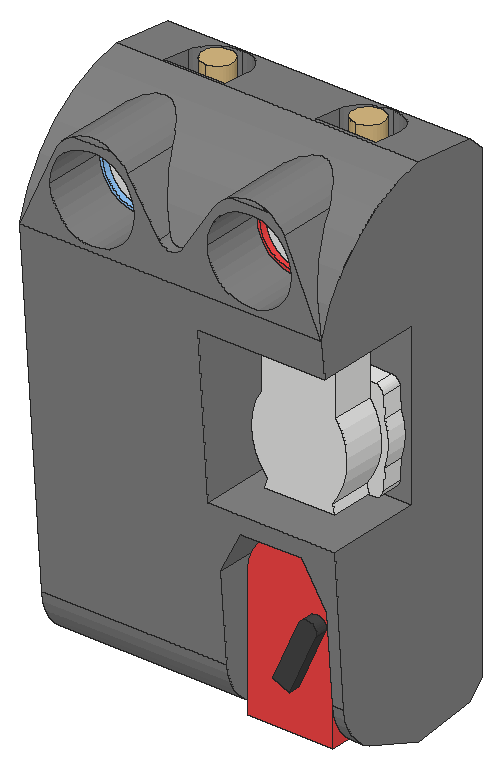
Revit family "R586R_131-143", category Pipe Accessories, Revit 2025
Family settings
  Round Connector Dimension = Use Diameter
  Part Type = Normal
  Work Plane-Based = No
  Always vertical = No
  Cut with Voids When Loaded = No
  Shared = No
Parameters (values of type "R586RY131-with circulator")
  Void Position 2 [instance] = if(Actuator, 152.8 mm, 350 mm)  # 152.8 mm
  Void Position = 145 mm
  URL = ""
  Nominal Diameter 2 = 25 mm  # constant formula
  Nominal Diameter 1 = 40 mm  # constant formula
  Model = "R586RY131-with circulator"
  Manufacturer = "Giacomini"  # constant formula
  L = 160 mm
  I = 165 mm
  H = 65 mm
  GIA_Model = "R586R"  # constant formula
  GIA_Manufacturer = "GIACOMINI"  # constant formula
  GIA_Description = "Distribution groups and regulation "  # constant formula
  GIA_Code = "R586RY131"
  G = 100 mm
  Flow Supply [instance] = 0.0 m³/h
  Flow Return [instance] = 0.0 m³/h
  F = 430 mm
  Default Elevation = 0 mm
  D = 250 mm
  C = 125 mm
  Actuator Type Selector [instance] = if(Actuator Type = 1, ❶, if(Actuator Type = 2, ❷, ❸))  # K275 : K275Y013
  Actuator Type [instance] = 0
  Actuator [instance] = yes
  ❸ [instance] = K275 : K275Y013
  ❷ [instance] = K275 : K275Y011
  ❶ [instance] = K275 : K275Y002
Types (4, lengths in mm): name | Void Position | Model | GIA_Code
  R586RY131-with circulator | 145 | "R586RY131-with circulator" | "R586RY131"
  R586RY133-with circulator | 145 | "R586RY133-with circulator" | "R586RY133"
  R586RY141-without circulator | 300 | "R586RY141-without circulator" | "R586RY141"
  R586RY143-without circulator | 300 | "R586RY143-without circulator" | "R586RY143"
Reference planes
  plane 1 "Center (Front/Back)": y = 0
  plane 2: z = 0
  plane 3 "Center (Left/Right)": x = 0
  plane 4: y = -65
  plane 5: x = 125.132
  plane 6: x = 125.132
  plane 7: x = 250
  plane 8 "F": z = 430
  plane 9: y = -165
  plane 10: x = 62.632
  plane 11: x = 187.632
  plane 12: x = 62.632
  plane 13: x = 187.632
Forms (mm)
  Extrusion 1, solid, material "Foam", detail levels medium+fine
    sketch origin (0, 0, 0) x (0, 1, 0) y (0, 0, 1)
      loop
        line (-65, 430) -> (-65, -0.043) -> (-12.123, 6.449) -> (0, 18.572) -> (0, 411.385) -> (-12.123, 423.508) -> (-65, 430)
    from 0 to 250
  Extrusion 2, solid, material "Foam", detail levels medium+fine
    sketch origin (0, -13.004, 0) x (0, 1, 0) y (0, 0, 1)
      loop
        line (-52.148, 0) -> (-52.148, 430) -> (-141.996, 430)
        arc (-141.996, 430) -> (-149.067, 427.071) -> (-151.996, 420) r 10
        line (-151.996, 420) -> (-151.996, 340) -> (-129.324, 56.937)
        arc (-129.324, 56.937) -> (-121.346, 34.469) -> (-102.975, 19.272) r 44.816
        line (-102.975, 19.272) -> (-52.148, 0)
    from 0 to 250
  Extrusion 3, void
    sketch origin (243.125, 0, -6.25) x (-1, 0, 0) y (0, 0, -1)
      loop
        circle (53.115, -385.183) r 35
      loop
        circle (183.135, -385.183) r 35
    from 88.712 to 174.421
  Extrusion 4, void
    sketch origin (0, 0, 25) x (1, 0, 0) y (0, 0, 1)
      loop
        line (250, 285.81) -> (145, 285.81) -> (145, 153.31) -> (250, 153.31) -> (250, 285.81)
    from 71.998 to 174.421
  Extrusion 5, solid, material "Giacomini Steel Material", detail levels medium+fine
    sketch origin (-9.846, -65, 292.295) x (0, 0, -1) y (1, 0, 0)
      loop
        arc (22.514, 172.546) -> (24.454, 167.862) -> (29.138, 165.922) r 6.624
        line (29.138, 165.922) -> (46.286, 165.023)
        arc (46.286, 165.023) -> (64.329, 161.539) -> (82.372, 165.023) r 48.453
        line (82.372, 165.023) -> (99.52, 165.922)
        arc (99.52, 165.922) -> (104.204, 167.862) -> (106.144, 172.546) r 6.624
        line (106.144, 172.546) -> (107.043, 189.695)
        arc (107.043, 189.695) -> (110.753, 207.738) -> (107.043, 225.78) r 45.727
        line (107.043, 225.78) -> (106.144, 242.929)
        arc (106.144, 242.929) -> (104.204, 247.613) -> (99.52, 249.553) r 6.624
        line (99.52, 249.553) -> (82.372, 250.452)
        arc (82.372, 250.452) -> (64.329, 254.056) -> (46.286, 250.452) r 46.96
        line (46.286, 250.452) -> (29.138, 249.553)
        arc (29.138, 249.553) -> (24.454, 247.613) -> (22.514, 242.929) r 6.624
        line (22.514, 242.929) -> (21.615, 225.78)
        arc (21.615, 225.78) -> (17.905, 207.738) -> (21.615, 189.695) r 45.727
        line (21.615, 189.695) -> (22.514, 172.546)
    from 6.998 to 23.712
  Extrusion 6, solid, material "Giacomini Steel Material", detail levels medium+fine
    sketch origin (2.5, 0, 25) x (1, 0, 0) y (0, 0, 1)
      loop
        arc (164.43, 230.658) -> (156.282, 198.665) -> (169.246, 168.301) r 51.478
        line (169.246, 168.301) -> (167.246, 160.839) -> (225.075, 160.839) -> (223.091, 168.243)
        arc (223.091, 168.243) -> (235.272, 200.065) -> (226.14, 232.892) r 54.417
        line (226.14, 232.892) -> (226.14, 273.789) -> (164.43, 273.789) -> (164.43, 230.658)
    from 88.712 to 123.742
  Extrusion 7, void
    sketch origin (7.5, 0, 0) x (1, 0, 0) y (0, 0, 1)
      loop
        line (145.3, 18.572) -> (233.191, 18.572) -> (233.191, 128.572) -> (214.213, 163.572) -> (164.245, 163.572) -> (145.3, 128.572) -> (145.3, 18.572)
    from 71.998 to 156.249
  Extrusion 8, void
    sketch origin (0, -2.5, 0) x (1, 0, 0) y (0, 1, 0)
      loop
        line (37.632, -60.54) -> (87.632, -60.54) -> (87.632, -36.403)
        arc (87.632, -36.403) -> (80.31, -18.725) -> (62.632, -11.403) r 25
        arc (62.632, -11.403) -> (44.955, -18.725) -> (37.632, -36.403) r 25
        line (37.632, -36.403) -> (37.632, -60.54)
      loop
        line (212.867, -60.54) -> (212.867, -36.402)
        arc (212.867, -36.402) -> (205.461, -18.641) -> (187.632, -11.403) r 25
        arc (187.632, -11.403) -> (170.106, -18.807) -> (162.867, -36.402) r 25
        line (162.867, -36.402) -> (162.867, -60.54) -> (212.867, -60.54)
    from 403.215 to 443.654
  Extrusion 9, void
    sketch origin (250, -2.5, -370.043) x (0, 1, 0) y (-1, 0, 0)
      loop
        arc (-32.652, 162.368) -> (-14.974, 169.69) -> (-7.652, 187.368) r 25
        arc (-7.652, 187.368) -> (-14.974, 205.045) -> (-32.652, 212.368) r 25
        line (-32.652, 212.368) -> (-60.782, 212.368) -> (-60.782, 162.368) -> (-32.652, 162.368)
      loop
        line (-61.119, 87.133) -> (-61.119, 37.133) -> (-32.652, 37.133)
        arc (-32.652, 37.133) -> (-14.891, 44.539) -> (-7.653, 62.368) r 25
        arc (-7.653, 62.368) -> (-15.057, 79.894) -> (-32.652, 87.133) r 25
        line (-32.652, 87.133) -> (-61.119, 87.133)
    from 359.064 to 421.718
  Extrusion 10, void
    sketch origin (0, 0, 0) x (1, 0, 0) y (0, 0, 1)
      loop
        line (89.387, 407.929) -> (114.889, 368.461)
        arc (114.889, 368.461) -> (125, 362.956) -> (135.111, 368.461) r 12.038
        line (135.111, 368.461) -> (160.613, 407.929)
        arc (160.613, 407.929) -> (190.01, 423.933) -> (219.407, 407.929) r 35
        line (219.407, 407.929) -> (249.128, 340.68) -> (250, 340.68) -> (250, 430) -> (0, 430) -> (0, 340.68) -> (0.853, 340.68) -> (30.593, 407.929)
        arc (30.593, 407.929) -> (59.99, 423.933) -> (89.387, 407.929) r 35
    from 65.152 to 197.299
  Extrusion 11, solid, material "Brass", detail levels medium+fine
    sketch origin (0, 0, 0) x (1, 0, 0) y (0, 1, 0)
      loop
        circle (62.632, -38.902) r 20
      loop
        circle (187.368, -38.902) r 20
    from 0.168 to 51.675
  Extrusion 12, solid, material "Brass", detail levels medium+fine
    sketch origin (0, 0, 400) x (0, -1, 0) y (1, 0, 0)
      loop
        circle (38.902, 62.632) r 12.5
      loop
        circle (38.902, 187.368) r 12.5
    from 3.215 to 30
  Extrusion 13, solid, material "Foam", detail levels medium+fine
    sketch origin (0, 0, 0) x (0, 1, 0) y (0, 0, 1)
      loop
        arc (-65, 430) -> (-128.834, 400.371) -> (-165, 340) r 119.746
        line (-165, 340) -> (-65, 340) -> (-65, 430)
    from 0 to 250
Cuts and joins
  Extrusion 8, Extrusion 9 cuts Extrusion 1
  Extrusion 3, Extrusion 4, Extrusion 7, Extrusion 10 cuts Extrusion 2
  Extrusion 3 cuts Extrusion 13
  joined: Extrusion 1, Extrusion 2, Extrusion 13
Dimensions and locks
  "H": plane 1 "Center (Front/Back)" to plane 4
  "D": plane 7 to plane 3 "Center (Left/Right)"
  "F": plane 8 "F" to level
  plane 8 "F" to Extrusion 1 sketch curve to Extrusion 1 sketch curve = 6.492 mm locked, 12.123 mm locked
  locked: plane 8 "F" to Extrusion 3 sketch curve at 51.067  (x2)
  "G": plane 4 to plane 9
  "I": plane 1 "Center (Front/Back)" to plane 9
  locked: plane 8 "F" to Extrusion 2 sketch curve at 10
  locked: Extrusion 2 sketch curve to plane 9 at 10
  locked: Extrusion 10 sketch curve to Extrusion 10 sketch curve at 58.794  (x2)
  equal spacing: plane 10, plane 5, plane 11
  "C": plane 10 to plane 11
  equal spacing: plane 12, plane 6, plane 13
  "C": plane 12 to plane 13
  Extrusion 6 sketch curve to Extrusion 6 sketch curve = 61.71 mm
  locked: Extrusion 4 sketch curve to Extrusion 4 sketch curve at 105
  "Void Position": plane 3 "Center (Left/Right)" to Extrusion 4 sketch curve
  locked: Extrusion 7 sketch curve to Extrusion 7 sketch curve at 87.891
  "Void Position 2": Extrusion 7 sketch curve to plane 3 "Center (Left/Right)"
  locked: Extrusion 7 sketch curve to Extrusion 7 sketch curve at 49.968
  aligned and locked: level to plane 2
  aligned and locked: plane 4 to Extrusion 1
  aligned and locked: Extrusion 1 sketch curve to plane 4
  aligned and locked: plane 4 to Extrusion 1 sketch curve
  aligned and locked: plane 7 to Extrusion 1
  aligned and locked: Extrusion 10 sketch curve to plane 8 "F"
  aligned and locked: plane 8 "F" to Extrusion 1 sketch curve
  aligned and locked: plane 3 "Center (Left/Right)" to Extrusion 10 sketch curve
  aligned and locked: plane 9 to Extrusion 2 sketch curve  (x2)
  aligned and locked: plane 8 "F" to Extrusion 2 sketch curve
  aligned and locked: Extrusion 10 sketch curve to plane 7
  aligned and locked: plane 10 to Extrusion 8 sketch curve
  aligned and locked: plane 11 to Extrusion 8 sketch curve
  aligned and locked: plane 12 to Extrusion 9 sketch curve
  aligned and locked: plane 13 to Extrusion 9 sketch curve
  aligned and locked: plane 8 "F" to Extrusion 12
Automatic sketch dimensions
  Extrusion 1 sketch curve to plane 1 "Center (Front/Back)" = 0 mm
  plane 1 "Center (Front/Back)" to Extrusion 1 sketch curve = 12.123 mm  (x2)
  level to Extrusion 1 sketch curve = 18.572 mm
  level to Extrusion 1 sketch curve = 6.449 mm
  Extrusion 1 sketch curve to level = 0.043 mm
  Extrusion 2 sketch curve to level = 0 mm
  Extrusion 2 sketch curve to plane 9 = 22.672 mm
  level to Extrusion 2 sketch curve = 19.272 mm
  Extrusion 2 sketch curve to Extrusion 2 sketch curve = 26.35 mm
  plane 4 to Extrusion 2 sketch curve = 32.628 mm
  plane 4 to Extrusion 2 sketch curve = 0.152 mm
  Extrusion 2 sketch curve to Extrusion 2 sketch curve = 37.666 mm
  Extrusion 2 sketch curve to Extrusion 2 sketch curve = 80 mm
  plane 7 to Extrusion 3 sketch curve = 59.99 mm
  Extrusion 3 sketch curve to plane 3 "Center (Left/Right)" = 59.99 mm
  Extrusion 5 sketch curve to Extrusion 5 sketch curve = 0.899 mm  (x4)
  Extrusion 1 to Extrusion 5 sketch curve = 10.293 mm
  Extrusion 5 sketch curve to Extrusion 5 sketch curve = 6.624 mm  (x3)
  Extrusion 5 sketch curve to Extrusion 5 sketch curve = 17.149 mm  (x5)
  Extrusion 1 to Extrusion 5 sketch curve = 9.394 mm  (x2)
  Extrusion 5 sketch curve to Extrusion 5 sketch curve = 42.016 mm
  Extrusion 5 sketch curve to Extrusion 5 sketch curve = 0.698 mm  (x3)
  Extrusion 1 to Extrusion 5 sketch curve = 94.822 mm
  Extrusion 5 sketch curve to Extrusion 5 sketch curve = 36.086 mm
  Extrusion 1 to Extrusion 5 sketch curve = 93.924 mm
  Extrusion 1 to Extrusion 5 sketch curve = 16.917 mm
  Extrusion 1 to Extrusion 5 sketch curve = 87.3 mm
  Extrusion 1 to Extrusion 5 sketch curve = 34.065 mm  (x2)
  Extrusion 1 to Extrusion 5 sketch curve = 70.151 mm
  Extrusion 5 sketch curve to Extrusion 5 sketch curve = 0.641 mm  (x2)
  Extrusion 5 sketch curve to Extrusion 5 sketch curve = 2.254 mm
  plane 3 "Center (Left/Right)" to Extrusion 10 sketch curve = 0.853 mm
  plane 3 "Center (Left/Right)" to Extrusion 10 sketch curve = 30.593 mm
  Extrusion 10 sketch curve to Extrusion 10 sketch curve = 29.397 mm  (x2)
  Extrusion 10 sketch curve to Extrusion 10 sketch curve = 25.503 mm  (x2)
  Extrusion 10 sketch curve to Extrusion 10 sketch curve = 10.111 mm  (x2)
  Extrusion 10 sketch curve to plane 8 "F" = 61.539 mm
  Extrusion 10 sketch curve to plane 8 "F" = 22.071 mm  (x2)
  Extrusion 10 sketch curve to Extrusion 10 sketch curve = 0.872 mm
  Extrusion 10 sketch curve to plane 8 "F" = 89.32 mm
  Extrusion 10 sketch curve to Extrusion 10 sketch curve = 67.249 mm
  Extrusion 10 sketch curve to Extrusion 10 sketch curve = 6.533 mm
  Extrusion 10 sketch curve to plane 8 "F" = 41.067 mm
  Extrusion 10 sketch curve to Extrusion 10 sketch curve = 18.995 mm
  Extrusion 11 sketch curve to plane 4 = 26.098 mm  (x2)
  plane 3 "Center (Left/Right)" to Extrusion 11 sketch curve = 62.632 mm
  Extrusion 11 sketch curve to plane 7 = 62.632 mm
  Extrusion 12 sketch curve to plane 4 = 26.098 mm  (x2)
  plane 3 "Center (Left/Right)" to Extrusion 12 sketch curve = 62.632 mm
  Extrusion 12 sketch curve to plane 7 = 62.632 mm
  Extrusion 13 sketch curve to plane 9 = 0 mm
  Extrusion 13 sketch curve to plane 4 = 0 mm
  Extrusion 13 sketch curve to plane 8 "F" = 0 mm
  Extrusion 13 sketch curve to plane 4 = 16.272 mm
  Extrusion 13 sketch curve to Extrusion 13 sketch curve = 90 mm
  Extrusion 6 sketch curve to plane 7 = 83.07 mm
  Extrusion 6 sketch curve to Extrusion 6 sketch curve = 2.816 mm
  Extrusion 6 sketch curve to Extrusion 6 sketch curve = 1.999 mm
  Extrusion 6 sketch curve to Extrusion 6 sketch curve = 16.485 mm
  Extrusion 6 sketch curve to Extrusion 6 sketch curve = 26.693 mm
  Extrusion 6 sketch curve to plane 7 = 24.409 mm
  Extrusion 6 sketch curve to Extrusion 6 sketch curve = 1.984 mm
  level to Extrusion 6 sketch curve = 185.839 mm
  Extrusion 6 sketch curve to Extrusion 6 sketch curve = 7.403 mm
  Extrusion 6 sketch curve to Extrusion 6 sketch curve = 7.462 mm
  Extrusion 6 sketch curve to Extrusion 6 sketch curve = 34.327 mm
  Extrusion 6 sketch curve to Extrusion 6 sketch curve = 0 mm
  Extrusion 6 sketch curve to Extrusion 6 sketch curve = 43.131 mm
  Extrusion 1 to Extrusion 5 sketch curve = 159.32 mm
  Extrusion 5 sketch curve to Extrusion 5 sketch curve = 0 mm
  level to Extrusion 4 sketch curve = 178.31 mm
  Extrusion 4 sketch curve to plane 8 "F" = 119.19 mm
  Extrusion 7 sketch curve to Extrusion 7 sketch curve = 18.945 mm
  level to Extrusion 7 sketch curve = 18.572 mm
  Extrusion 7 sketch curve to Extrusion 7 sketch curve = 110 mm
  Extrusion 7 sketch curve to Extrusion 7 sketch curve = 0 mm
  Extrusion 7 sketch curve to Extrusion 7 sketch curve = 35 mm
  Extrusion 8 sketch curve to Extrusion 8 sketch curve = 0 mm  (x3)
  Extrusion 8 sketch curve to plane 4 = 1.96 mm  (x2)
  plane 10 to Extrusion 8 sketch curve = 25 mm
  plane 11 to Extrusion 8 sketch curve = 24.766 mm
  Extrusion 8 sketch curve to plane 11 = 0.234 mm
  Extrusion 8 sketch curve to Extrusion 8 sketch curve = 24.137 mm
  Extrusion 8 sketch curve to plane 4 = 26.098 mm
  Extrusion 9 sketch curve to Extrusion 9 sketch curve = 0 mm  (x3)
  Extrusion 9 sketch curve to plane 4 = 1.381 mm
  Extrusion 9 sketch curve to plane 4 = 1.718 mm
  Extrusion 9 sketch curve to plane 4 = 29.848 mm
  Extrusion 9 sketch curve to Extrusion 9 sketch curve = 28.467 mm
  Extrusion 9 sketch curve to plane 13 = 0.234 mm
  Extrusion 9 sketch curve to Extrusion 9 sketch curve = 25 mm
  Extrusion 9 sketch curve to plane 12 = 25 mm
  radius of Extrusion 3 sketch curve = 35 mm  (x2)
  radius of Extrusion 11 sketch curve = 20 mm  (x2)
  radius of Extrusion 12 sketch curve = 12.5 mm  (x2)
Nested families
  nested 1: "Meter" at (190, -103.712, 333.933), type "Red", detail levels medium+fine
  nested 2: "Meter" at (60, -103.712, 333.933), type "Bue", detail levels medium+fine
  nested 3: "K275" at (197.952, -71.998, 18.572), visible <- "Actuator", type <- "Actuator Type Selector", type "K275Y013"
Connectors
  piping at (62.632, -38.902, 430), diameter 25, driven by "Nominal Diameter 2", driven by "Flow Return"
    settings: on Extrusion 12, index 1, connector inside diameter 609.6 mm, connector length 0 mm, flow factor 0, pipe flow 0.0 m³/h, pressure drop 0.0 Pa, fitting loss kfactor 0, connector angle 0.00°, fixture units 0, engagement length 0 mm, angle of deflection 0.00°, flow configuration 0, flow direction 1, fitting loss method 0, system type 8, joint type 0, gender type 0, connector reference index -1, connector utility 0, adjustable connector no, is connector primary yes, connector description ""
  piping at (187.368, -38.902, 430), diameter 25, driven by "Nominal Diameter 2", driven by "Flow Supply"
    settings: on Extrusion 12, index 2, connector inside diameter 609.6 mm, connector length 0 mm, flow factor 0, pipe flow 0.0 m³/h, pressure drop 0.0 Pa, fitting loss kfactor 0, connector angle 0.00°, fixture units 0, engagement length 0 mm, angle of deflection 0.00°, flow configuration 0, flow direction 2, fitting loss method 0, system type 7, joint type 0, gender type 0, connector reference index -1, connector utility 0, adjustable connector no, is connector primary no, connector description ""
  piping at (62.632, -38.902, 0.168), diameter 40, driven by "Nominal Diameter 1", driven by "Flow Return"
    settings: on Extrusion 11, index 3, connector inside diameter 609.6 mm, connector length 0 mm, flow factor 0, pipe flow 0.0 m³/h, pressure drop 0.0 Pa, fitting loss kfactor 0, connector angle 0.00°, fixture units 0, engagement length 0 mm, angle of deflection 0.00°, flow configuration 1, flow direction 2, fitting loss method 0, system type 8, joint type 0, gender type 0, connector reference index -1, connector utility 0, adjustable connector no, is connector primary no, connector description ""
  piping at (187.368, -38.902, 0.168), diameter 40, driven by "Nominal Diameter 1", driven by "Flow Supply"
    settings: on Extrusion 11, index 4, connector inside diameter 609.6 mm, connector length 0 mm, flow factor 0, pipe flow 0.0 m³/h, pressure drop 0.0 Pa, fitting loss kfactor 0, connector angle 0.00°, fixture units 0, engagement length 0 mm, angle of deflection 0.00°, flow configuration 1, flow direction 1, fitting loss method 0, system type 7, joint type 0, gender type 0, connector reference index -1, connector utility 0, adjustable connector no, is connector primary no, connector description ""
Definition of nested family "Meter"
  Parameters (values of type "Red")
    Default Elevation = 0 mm
    Color = none
  Types (3): name
    (no name)
    Bue
    Red
  Reference planes
    plane 1 "Center (Front/Back)": y = 0
    plane 2: z = 0
    plane 3 "Center (Left/Right)": x = 0
    plane 4: y = 0
    plane 5: z = 77.117
    plane 6: z = 45
    plane 7: z = -25
    plane 8: x = 0
  Forms (mm)
    Revolve 1, solid, material <- "Color"
      sketch origin (0, 0, 45.13) x (1, 0, 0) y (0, 1, 0)
        loop
          line (29.734, -13.312) -> (32, -13.312) -> (32, 9.042) -> (0, 9.042) -> (0, -8.497) -> (29.734, -8.497) -> (29.734, -13.312)
        axis (0, -13.312) -> (0, 9.042)
      angle from 0 to 360
  Dimensions and locks
    aligned and locked: level to plane 2
Definition of nested family "K275"
  Parameters (values of type "K275Y013")
    Manufacture Art. No. = "K275Y013"
    Default Elevation = 0 mm
  Types (3, lengths in mm): name | Manufacture Art. No.
    K275Y002 | "K275Y002"
    K275Y011 | "K275Y011"
    K275Y013 | "K275Y013"
  Reference planes
    plane 1 "Center (Front/Back)": y = 0
    plane 2: z = 0
    plane 3 "Center (Left/Right)": x = 0
  Forms (mm)
    Extrusion 1, solid, detail levels medium+fine
      sketch origin (-196.713, 71.998, -18.572) x (1, 0, 0) y (0, 0, 1)
        loop
          arc (231.713, 126.691) -> (196.713, 161.691) -> (161.713, 126.691) r 35
          line (161.713, 126.691) -> (161.713, 18.572) -> (231.713, 18.572) -> (231.713, 126.691)
      from 71.998 to 132.57
    Extrusion 2, solid
      sketch origin (0, 0, 0) x (1, 0, 0) y (0, 0, 1)
        loop
          line (-6.589, 41.646) -> (7.115, 35.545) -> (28.664, 83.946)
          arc (28.664, 83.946) -> (24.863, 93.848) -> (14.961, 90.047) r 7.5
          line (14.961, 90.047) -> (-6.589, 41.646)
      from 60.573 to 70.333
  Dimensions and locks
    aligned and locked: level to plane 2
